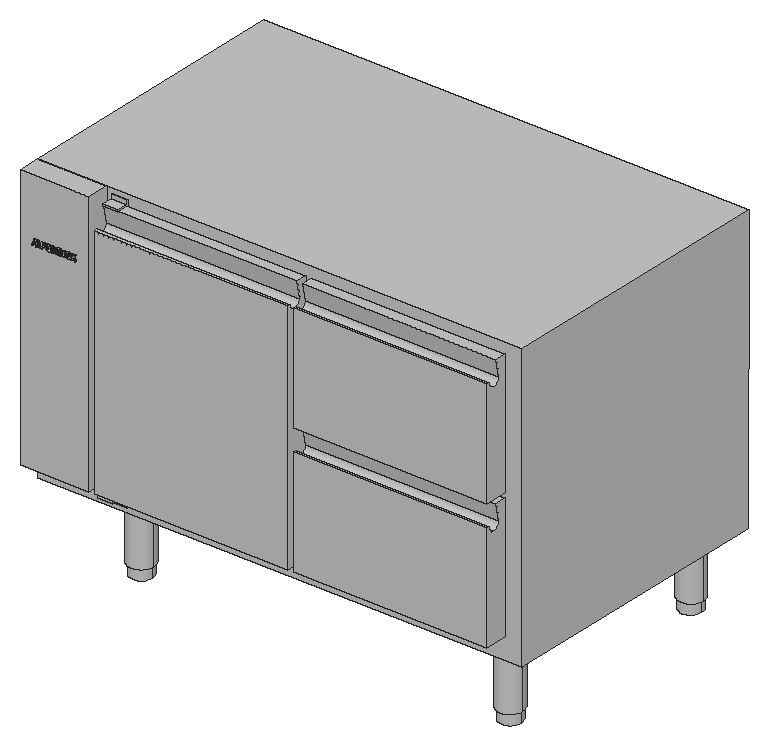
Revit family "QF_ALPENINOX_712609_AJ2R8AB", category Specialty Equipment, Revit 2018
Family settings
  Round Connector Dimension = Use Diameter
  Part Type = Normal
  Work Plane-Based = No
  Always vertical = Yes
  Cut with Voids When Loaded = No
  Shared = No
  Room Calculation Point = No
Parameters
  Weight = 0.00 kg
  Watts = 2.78709 W
  Volts = 220 V
  URL Manufacturer = "http://www.alpeninox.com"
  URL = "http://www.alpeninox.com"
  Steam Supply Size = 0 mm
  Steam Supply Minimum Pressure = 0.0 Pa
  Steam Supply Maximum Pressure = 0.0 Pa
  Steam Pounds per Hour = 0
  Refrigeration Suction Line Size = 0 mm
  Refrigeration Liquid Line Size = 0 mm
  Refrigerant Compressor Remote = yes
  Manufacturer = "Alpeninox"
  Phase = 1
  Model = "AJ2R8AB"
  Length Actual = 1103 mm  # constant formula
  Length = 1103 mm
  Item Number = "712609"
  Hot Water Size = 0 mm
  Height Actual = 800 mm  # constant formula
  Height = 650 mm
  HP = "0 HP"
  Gas Size = 0 mm
  Gas KW = 0
  Gas Input Pressure = 0 W
  Depth Actual = 700 mm  # constant formula
  Depth = 695 mm
  Description = "1 DOOR+2x½ DRAWER REF.TABLE -2C REM NO TOP"
  Cycle = 60 Hz
  Condensate Return Size = 0 mm
  Compressed Air Volume = 0.0 L/s
  Compressed Air Size = 0 mm
  Compressed Air Pressure = 0.0 Pa
  Cold Water Size = 0 mm
  Accessory = yes
Reference planes
  plane 1: z = 0
  plane 2 "Center (Left/Right)": x = -124.5
  plane 3 "Center (Front/Back)": y = 64.5
  plane 4 "FEET": z = 150
  plane 5 "TOP": z = 850
  plane 6 "PLAIN": z = 800
  plane 7 "EI_back": y = 359
  plane 8 "EI_left": x = -610
  plane 9 "BACK": y = 412
  plane 10 "FRONT": y = -283
  plane 11 "DOOR": y = -233
  plane 12 "LEFT": x = -676
  plane 13 "RIGHT": x = 427
  plane 14: x = -651
  plane 15: x = 402
  plane 16 "RO_left": x = -636
  plane 17 "RI_left": x = -584
  plane 18 "RO_back": y = 375.5
  plane 19 "RI_back": y = 375.5
  plane 20 "DRAINleft": x = -610
  plane 21 "DRAINback": y = 164
Forms (mm)
  Extrusion 1, solid, material "QF_Finishes_Stainless Steel"
    sketch origin (-1022.223, -1524, 150) x (-1, 0, 0) y (0, -1, 0)
      loop
        circle (-412.223, -1883) r 5
    from 0 to -40
  Extrusion 2, solid, material "QF_Finishes_Stainless Steel"
    sketch origin (-1022.223, -1524, 150) x (-1, 0, 0) y (0, -1, 0)
      loop
        circle (-386.223, -1899.5) r 4.25
    from 0 to -20
  Extrusion 3, solid, material "QF_Finishes_Stainless Steel"
    sketch origin (-1022.223, -1524, 150) x (-1, 0, 0) y (0, -1, 0)
      loop
        circle (-438.223, -1899.5) r 4
    from 0 to -20
  Extrusion 4, solid, material "QF_Finishes_Stainless Steel"
    sketch origin (-1022.223, -1524, 150) x (-1, 0, 0) y (0, -1, 0)
      loop
        circle (-412.223, -1688) r 8.5
    from 0 to -40
  Extrusion 5, solid, material "QF_Finishes_Stainless Steel"
    sketch origin (-1022.223, -1524, 150) x (-1, 0, 0) y (0, -1, 0)
      loop
        line (-346.223, -1936) -> (-346.223, -1291) -> (-1449.223, -1291) -> (-1449.223, -1936) -> (-346.223, -1936)
    from 0 to 650 <- "Height"
Lines and regions (mm)
  symbolic lines, style "SpecialityEquipmentHiddenLines"
    curve 1: line (-676, 412, 150) -> (427, 412, 150)
    curve 2: line (-676, -283, 150) -> (-676, 412, 150)
    curve 3: line (427, -283, 150) -> (-676, -283, 150)
    curve 4: line (427, 412, 150) -> (427, -283, 150)
    curve 5: line (-676, -233, 150) -> (427, -233, 150)
    curve 6: line (402, -233, 150) -> (402, -283, 150)
Dimensions and locks
  plane 4 "FEET" to level = 150 mm
  plane 11 "DOOR" to plane 10 "FRONT" = 50 mm
  "Height": plane 6 "PLAIN" to plane 4 "FEET"
  plane 5 "TOP" to plane 6 "PLAIN" = 50 mm
  plane 12 "LEFT" to plane 14 = 25 mm
  plane 15 to plane 13 "RIGHT" = 25 mm
  plane 9 "BACK" to plane 18 "RO_back" = 36.5 mm
  plane 9 "BACK" to plane 7 "EI_back" = 53 mm
  plane 9 "BACK" to plane 19 "RI_back" = 36.5 mm
  plane 9 "BACK" to plane 21 "DRAINback" = 248 mm
  plane 12 "LEFT" to plane 20 "DRAINleft" = 66 mm
  plane 12 "LEFT" to plane 8 "EI_left" = 66 mm
  plane 12 "LEFT" to plane 17 "RI_left" = 92 mm
  plane 12 "LEFT" to plane 16 "RO_left" = 40 mm
  "Depth": plane 9 "BACK" to plane 10 "FRONT"
  equal spacing: plane 9 "BACK", plane 3 "Center (Front/Back)", plane 10 "FRONT"
  "Length": plane 12 "LEFT" to plane 13 "RIGHT"
  equal spacing: plane 12 "LEFT", plane 2 "Center (Left/Right)", plane 13 "RIGHT"
  aligned and locked: level to plane 1
Automatic sketch dimensions
  Extrusion 1 sketch curve to plane 7 "EI_back" = 0 mm
  Extrusion 1 sketch curve to plane 8 "EI_left" = 0 mm
  Extrusion 2 sketch curve to plane 16 "RO_left" = 0 mm
  Extrusion 2 sketch curve to plane 18 "RO_back" = 0 mm
  Extrusion 3 sketch curve to plane 17 "RI_left" = 0 mm
  Extrusion 3 sketch curve to plane 19 "RI_back" = 0 mm
  Extrusion 4 sketch curve to plane 20 "DRAINleft" = 0 mm
  Extrusion 4 sketch curve to plane 21 "DRAINback" = 0 mm
  Extrusion 5 sketch curve to plane 9 "BACK" = 0 mm
  Extrusion 5 sketch curve to plane 13 "RIGHT" = 0 mm
  Extrusion 5 sketch curve to plane 11 "DOOR" = 0 mm
  Extrusion 5 sketch curve to plane 12 "LEFT" = 0 mm
  curve 1 to plane 13 "RIGHT" = 0 mm
  curve 6 to plane 15 = 0 mm
  curve 5 to plane 11 "DOOR" = 0 mm
  curve 5 to plane 12 "LEFT" = 0 mm
  curve 6 to plane 10 "FRONT" = 0 mm
  curve 1 to plane 9 "BACK" = 0 mm
  radius of Extrusion 1 sketch curve = 5 mm
  radius of Extrusion 2 sketch curve = 4.25 mm
  radius of Extrusion 3 sketch curve = 4 mm
  radius of Extrusion 4 sketch curve = 8.5 mm
Nested families
  nested 1: "Refrigerator" at (427, -283, 0), type "Refrigerator"
  nested 2: "FEET" at (-480, 331, 0), type "FEET"
  nested 3: "FEET" at (361, 331, 0), type "FEET"
  nested 4: "FEET" at (-480, -183, 0), type "FEET"
  nested 5: "FEET" at (361, -183, 0), type "FEET"
  nested 6: "APX_REM_TN_L_650" at (-519.08, -233, 548) x (1, 0, 0) z (0, -1, 0), type "APX_REM_TN_L_650"
    with Show Logo yes
  nested 7: "APX_SD_L_650" at (-286, -233, 458.88) x (1, 0, 0) z (0, -1, 0), type "APX_SD_L_650"
    with Show Clearance yes
  nested 8: "APX_HALF_650" at (168, -233, 458.08) x (1, 0, 0) z (0, -1, 0), type "APX_HALF_650"
    with Show Clearance yes
Connectors
  electrical at (-610, 359, 110), driven by "Volts"
    settings: on Extrusion 1, index 1, voltage 220 V, apparent load 0 VA, apparent load phase1 0 VA, apparent load phase2 0 VA, apparent load phase3 0 VA, power factor 1, load classification "Other", number of poles 1, system type 31, power factor state 1, is connector primary yes, connector utility no, sub classification motor no, connector description "Electrical Connection"
  piping at (-636, 375.5, 130)
    settings: on Extrusion 2, index 3, connector diameter 0 mm, connector inside diameter 609.6 mm, connector length 0 mm, flow factor 0, pipe flow 0.0 L/s, pressure drop 0.0 Pa, fitting loss kfactor 0, connector angle 0.00°, fixture units 0, engagement length 0 mm, angle of deflection 0.00°, flow configuration 1, flow direction 2, fitting loss method 0, system type 8, joint type 0, gender type 0, connector reference index -1, connector utility 0, adjustable connector no, is connector primary yes, connector description "Refrigerant Outlet"
  piping at (-584, 375.5, 130)
    settings: on Extrusion 3, index 4, connector diameter 0 mm, connector inside diameter 609.6 mm, connector length 0 mm, flow factor 0, pipe flow 0.0 L/s, pressure drop 0.0 Pa, fitting loss kfactor 0, connector angle 0.00°, fixture units 0, engagement length 0 mm, angle of deflection 0.00°, flow configuration 1, flow direction 1, fitting loss method 0, system type 7, joint type 0, gender type 0, connector reference index -1, connector utility 0, adjustable connector no, is connector primary no, connector description "Refrigerant Inlet"
  piping at (-610, 164, 110), diameter 17
    settings: on Extrusion 4, index 5, connector inside diameter 609.6 mm, connector length 0 mm, flow factor 0, pipe flow 0.0 L/s, pressure drop 0.0 Pa, fitting loss kfactor 0, connector angle 0.00°, fixture units 0, engagement length 0 mm, angle of deflection 0.00°, flow configuration 1, flow direction 2, fitting loss method 0, system type 16, joint type 0, gender type 0, connector reference index -1, connector utility 0, adjustable connector no, is connector primary no, connector description "Drain"
Definition of nested family "FEET"
  Parameters
    FEET = 150 mm
  Reference planes
    plane 1 "Center (Front/Back)": y = 0
    plane 2: z = 0
    plane 3 "Center (Left/Right)": x = 0
    plane 4: z = 150
  Forms (mm)
    Revolve 1, solid
      sketch origin (255.05, 0, 608.09) x (0, 0, 1) y (-1, 0, 0)
        loop
          line (-608.09, 255.05) -> (-608.09, 230.05) -> (-583.09, 230.05) -> (-583.09, 226.05) -> (-458.09, 226.05) -> (-458.09, 255.05) -> (-608.09, 255.05)
        axis (-608.09, 255.05) -> (-458.09, 255.05)
      angle from 0 to 360
  Dimensions and locks
    locked: Revolve 1 sketch curve to Revolve 1 sketch curve at 125
    "FEET": plane 4 to plane 2
    aligned and locked: level to plane 2
    aligned and locked: plane 4 to Revolve 1 sketch curve
    aligned and locked: Revolve 1 sketch curve to level
    aligned and locked: plane 3 "Center (Left/Right)" to Revolve 1 sketch curve
  Automatic sketch dimensions
    Revolve 1 sketch curve to plane 3 "Center (Left/Right)" = 0 mm
    Revolve 1 sketch curve to Revolve 1 sketch curve = 25 mm
    Revolve 1 sketch curve to Revolve 1 sketch curve = 29 mm
    plane 4 to Revolve 1 sketch curve = 50 mm
    Revolve 1 sketch curve to Revolve 1 sketch curve = 20 mm
Definition of nested family "APX_REM_TN_L_650"
  Parameters
    Show Logo [instance] = yes
    Default Elevation = 1219.2 mm
  Reference planes
    plane 1 "Centro (Fronte/Retro)": y = -49
    plane 2: z = 0
    plane 3 "Centro (Sinistra/Destra)": x = -78.92
  Forms (mm)
    Extrusion 1, solid
      sketch origin (0, 0, 0) x (1, 0, 0) y (0, 1, 0)
        loop
          line (-1219.2, 1219.2) -> (-1219.2, -1219.2) -> (1219.2, -1219.2) -> (1219.2, 1219.2) -> (-1219.2, 1219.2)
      from 0 to -304.8
    Extrusion 2, solid
      sketch origin (0, 0, 0) x (1, 0, 0) y (0, 1, 0)
        loop
          line (-156.92, 252) -> (-156.92, -350) -> (-0.92, -350) -> (-0.92, 252) -> (-156.92, 252)
      from 0 to 50
    Extrusion 3, solid
      sketch origin (43.141, -49.023, 0) x (1, 0, 0) y (0, 1, 0)
        loop
          line (-168.675, 170.349) -> (-172.411, 160.318)
          arc (-172.411, 160.318) -> (-171.624, 158.497) -> (-169.837, 159.36) r 1.374
          line (-169.837, 159.36) -> (-169.268, 161.111) -> (-164.1, 161.111) -> (-163.54, 159.379)
          arc (-163.54, 159.379) -> (-161.802, 158.542) -> (-161.049, 160.318) r 1.333
          line (-161.049, 160.318) -> (-164.694, 170.349)
          arc (-164.694, 170.349) -> (-166.685, 171.876) -> (-168.675, 170.349) r 2.06
        loop
          line (-166.681, 169.055) -> (-168.469, 163.655) -> (-164.935, 163.655) -> (-166.681, 169.055)
        loop
          arc (-159.705, 160.042) -> (-159.262, 158.973) -> (-158.194, 158.531) r 1.512
          line (-158.194, 158.531) -> (-153.608, 158.531)
          arc (-153.608, 158.531) -> (-152.337, 159.802) -> (-153.608, 161.074) r 1.272
          line (-153.608, 161.074) -> (-156.917, 161.074) -> (-156.917, 170.328)
          arc (-156.917, 170.328) -> (-158.311, 171.722) -> (-159.705, 170.328) r 1.394
          line (-159.705, 170.328) -> (-159.705, 160.042)
        loop
          line (-151.076, 170.218) -> (-151.076, 159.859)
          arc (-151.076, 159.859) -> (-149.683, 158.466) -> (-148.29, 159.859) r 1.393
          line (-148.29, 159.859) -> (-148.29, 162.882) -> (-146.225, 162.882)
          arc (-146.225, 162.882) -> (-142.999, 163.859) -> (-141.608, 166.928) r 4.082
          arc (-141.608, 166.928) -> (-142.993, 170.272) -> (-146.336, 171.657) r 4.728
          line (-146.336, 171.657) -> (-149.638, 171.657)
          arc (-149.638, 171.657) -> (-150.655, 171.235) -> (-151.076, 170.218) r 1.439
        loop
          line (-148.29, 165.313) -> (-146.388, 165.313)
          arc (-146.388, 165.313) -> (-144.433, 167.268) -> (-146.388, 169.222) r 1.955
          line (-146.388, 169.222) -> (-148.29, 169.222) -> (-148.29, 165.313)
        loop
          arc (-131.184, 166.332) -> (-132.004, 168.2) -> (-133.767, 169.228) r 3.3
          arc (-133.767, 169.228) -> (-136.353, 168.661) -> (-137.611, 166.332) r 3.176
          line (-137.611, 166.332) -> (-131.184, 166.332)
        loop
          line (-137.538, 163.743) -> (-130.544, 163.743)
          arc (-130.544, 163.743) -> (-129.292, 163.916) -> (-128.301, 164.701) r 2.4
          arc (-128.301, 164.701) -> (-128.155, 165.545) -> (-128.212, 166.399) r 3.635
          arc (-128.212, 166.399) -> (-130.364, 170.162) -> (-134.39, 171.769) r 6.579
          arc (-134.39, 171.769) -> (-138.918, 169.706) -> (-140.661, 165.044) r 6.501
          arc (-140.661, 165.044) -> (-139.276, 160.789) -> (-135.401, 158.549) r 6.252
          arc (-135.401, 158.549) -> (-132.922, 158.526) -> (-130.544, 159.232) r 8.361
          arc (-130.544, 159.232) -> (-129.466, 159.781) -> (-128.641, 160.666) r 3.486
          arc (-128.641, 160.666) -> (-128.419, 161.592) -> (-128.828, 162.451) r 1.425
          arc (-128.828, 162.451) -> (-129.368, 162.762) -> (-129.99, 162.762) r 1.203
          arc (-129.99, 162.762) -> (-130.406, 162.59) -> (-130.764, 162.316) r 1.724
          arc (-130.764, 162.316) -> (-131.666, 161.705) -> (-132.646, 161.229) r 7.6
          arc (-132.646, 161.229) -> (-135.676, 161.35) -> (-137.538, 163.743) r 3.6
        loop
          line (-126.669, 170.328) -> (-126.669, 159.859)
          arc (-126.669, 159.859) -> (-125.273, 158.463) -> (-123.878, 159.859) r 1.396
          line (-123.878, 159.859) -> (-123.878, 166.785) -> (-117.946, 159.029)
          arc (-117.946, 159.029) -> (-116.361, 158.51) -> (-115.379, 159.859) r 1.417
          line (-115.379, 159.859) -> (-115.379, 170.328)
          arc (-115.379, 170.328) -> (-116.774, 171.723) -> (-118.169, 170.328) r 1.395
          line (-118.169, 170.328) -> (-118.169, 163.311) -> (-124.101, 171.157)
          arc (-124.101, 171.157) -> (-125.687, 171.678) -> (-126.669, 170.328) r 1.418
        loop
          arc (-113.636, 159.859) -> (-112.241, 158.464) -> (-110.847, 159.859) r 1.394
          line (-110.847, 159.859) -> (-110.847, 170.328)
          arc (-110.847, 170.328) -> (-112.241, 171.723) -> (-113.636, 170.328) r 1.394
          line (-113.636, 170.328) -> (-113.636, 159.859)
        loop
          line (-109.102, 170.328) -> (-109.102, 159.859)
          arc (-109.102, 159.859) -> (-107.706, 158.463) -> (-106.31, 159.859) r 1.396
          line (-106.31, 159.859) -> (-106.31, 166.785) -> (-100.378, 159.029)
          arc (-100.378, 159.029) -> (-98.793, 158.51) -> (-97.812, 159.859) r 1.417
          line (-97.812, 159.859) -> (-97.812, 170.328)
          arc (-97.812, 170.328) -> (-99.207, 171.723) -> (-100.602, 170.328) r 1.395
          line (-100.602, 170.328) -> (-100.602, 163.311) -> (-106.533, 171.157)
          arc (-106.533, 171.157) -> (-108.119, 171.678) -> (-109.102, 170.328) r 1.418
        loop
          arc (-96.345, 165.093) -> (-95.619, 161.877) -> (-93.467, 159.379) r 6.806
          arc (-93.467, 159.379) -> (-91.792, 158.566) -> (-89.948, 158.31) r 5.956
          arc (-89.948, 158.31) -> (-88.104, 158.566) -> (-86.43, 159.379) r 5.956
          arc (-86.43, 159.379) -> (-84.277, 161.877) -> (-83.551, 165.093) r 6.806
          arc (-83.551, 165.093) -> (-84.277, 168.31) -> (-86.43, 170.808) r 6.806
          arc (-86.43, 170.808) -> (-88.104, 171.621) -> (-89.948, 171.877) r 5.956
          arc (-89.948, 171.877) -> (-91.792, 171.621) -> (-93.467, 170.808) r 5.956
          arc (-93.467, 170.808) -> (-95.619, 168.31) -> (-96.345, 165.093) r 6.806
        loop
          arc (-93.425, 165.093) -> (-93.138, 163.212) -> (-92.081, 161.629) r 4.387
          arc (-92.081, 161.629) -> (-91.087, 161.049) -> (-89.948, 160.881) r 3.035
          arc (-89.948, 160.881) -> (-88.809, 161.049) -> (-87.815, 161.629) r 3.035
          arc (-87.815, 161.629) -> (-86.759, 163.212) -> (-86.472, 165.093) r 4.387
          arc (-86.472, 165.093) -> (-86.759, 166.975) -> (-87.815, 168.558) r 4.387
          arc (-87.815, 168.558) -> (-88.809, 169.138) -> (-89.948, 169.306) r 3.035
          arc (-89.948, 169.306) -> (-91.087, 169.138) -> (-92.081, 168.558) r 3.035
          arc (-92.081, 168.558) -> (-93.138, 166.975) -> (-93.425, 165.093) r 4.387
        loop
          line (-82.843, 169.609) -> (-79.829, 165.552) -> (-83.513, 160.652)
          arc (-83.513, 160.652) -> (-83.216, 158.692) -> (-81.262, 159.029) r 1.388
          line (-81.262, 159.029) -> (-78.213, 163.232) -> (-75.164, 159.029)
          arc (-75.164, 159.029) -> (-73.211, 158.692) -> (-72.913, 160.652) r 1.388
          line (-72.913, 160.652) -> (-76.597, 165.552) -> (-73.584, 169.609)
          arc (-73.584, 169.609) -> (-73.952, 171.597) -> (-75.908, 171.084) r 1.38
          line (-75.908, 171.084) -> (-78.213, 167.841) -> (-80.519, 171.084)
          arc (-80.519, 171.084) -> (-82.474, 171.597) -> (-82.843, 169.609) r 1.38
      from 50 to 51.6
  Lines and regions (mm)
    Split face 1
      outline origin (0, 0, 50) x (1, 0, 0) y (0, 1, 0)
        loop
          line (-0.92, 188) -> (-156.92, 188)
    Split face 2
      outline origin (0, 0, 50) x (1, 0, 0) y (0, 1, 0)
        loop
          line (-156.92, 178) -> (-0.92, 178)
    Split face 3
      outline origin (0, 0, 50) x (1, 0, 0) y (0, 1, 0)
        loop
          line (-0.92, 104) -> (-156.92, 104)
    Split face 4
      outline origin (0, 0, 50) x (1, 0, 0) y (0, 1, 0)
        loop
          line (-0.92, 94) -> (-156.92, 94)
    Split face 5
      outline origin (0, 0, 50) x (1, 0, 0) y (0, 1, 0)
        loop
          line (-108.92, 163.931) -> (-108.92, 134.412) -> (-48.92, 134.412) -> (-48.92, 163.931) -> (-108.92, 163.931)
    Split face 6
      outline origin (0, 0, 50) x (1, 0, 0) y (0, 1, 0)
        loop
          line (-68.92, 160.931) -> (-68.92, 137.412) -> (-51.92, 137.412) -> (-51.92, 160.931) -> (-68.92, 160.931)
    symbolic lines
      curve 1: line (-2, -49, 50) -> (-2, -49, 0)
  Dimensions and locks
    equal spacing: Extrusion 2, plane 3 "Centro (Sinistra/Destra)", Extrusion 2
    equal spacing: Extrusion 2, plane 1 "Centro (Fronte/Retro)", Extrusion 2
    Extrusion 2 to Extrusion 2 = 156 mm
    aligned and locked: plane 2 to Extrusion 1
    aligned and locked: level to Extrusion 1
  Automatic sketch dimensions
    curve 1 to level = 0 mm
    plane 3 "Centro (Sinistra/Destra)" to curve 1 = 76.92 mm
    curve 1 to curve 1 = 50 mm
    Extrusion 1 sketch curve to Extrusion 1 sketch curve = 2438.4 mm  (x2)
    Extrusion 2 sketch curve to plane 3 "Centro (Sinistra/Destra)" = 78 mm
    plane 3 "Centro (Sinistra/Destra)" to Extrusion 2 sketch curve = 78 mm
    plane 1 "Centro (Fronte/Retro)" to Extrusion 2 sketch curve = 301 mm
    Extrusion 2 sketch curve to plane 1 "Centro (Fronte/Retro)" = 301 mm
    Extrusion 3 sketch curve to plane 3 "Centro (Sinistra/Destra)" = 50.35 mm
    Extrusion 3 sketch curve to Extrusion 3 sketch curve = 1.266 mm
    Extrusion 3 sketch curve to Extrusion 3 sketch curve = 1.307 mm
    Extrusion 3 sketch curve to Extrusion 3 sketch curve = 0.57 mm
    Extrusion 3 sketch curve to Extrusion 3 sketch curve = 0.593 mm
    Extrusion 3 sketch curve to Extrusion 3 sketch curve = 0.799 mm
    Extrusion 3 sketch curve to Extrusion 3 sketch curve = 1.99 mm  (x2)
    Extrusion 3 sketch curve to Extrusion 3 sketch curve = 0.003 mm
    Extrusion 3 sketch curve to Extrusion 3 sketch curve = 3.534 mm
    Extrusion 3 sketch curve to Extrusion 3 sketch curve = 0.835 mm
    Extrusion 3 sketch curve to Extrusion 3 sketch curve = 0.56 mm
    Extrusion 3 sketch curve to Extrusion 3 sketch curve = 1.268 mm
    Extrusion 3 sketch curve to Extrusion 3 sketch curve = 1.223 mm
    Extrusion 3 sketch curve to Extrusion 3 sketch curve = 1.344 mm
    Extrusion 3 sketch curve to Extrusion 3 sketch curve = 1.394 mm  (x2)
    Extrusion 3 sketch curve to Extrusion 3 sketch curve = 1.512 mm
    Extrusion 3 sketch curve to Extrusion 3 sketch curve = 3.309 mm
    Extrusion 3 sketch curve to Extrusion 3 sketch curve = 5.841 mm
    Extrusion 3 sketch curve to Extrusion 3 sketch curve = 1.393 mm
    Extrusion 3 sketch curve to Extrusion 3 sketch curve = 1.439 mm
    Extrusion 3 sketch curve to Extrusion 3 sketch curve = 0 mm  (x19)
    Extrusion 3 sketch curve to Extrusion 3 sketch curve = 1.902 mm
    Extrusion 3 sketch curve to Extrusion 3 sketch curve = 0.052 mm
    Extrusion 3 sketch curve to Extrusion 3 sketch curve = 2.065 mm
    Extrusion 3 sketch curve to Extrusion 3 sketch curve = 0.647 mm
    Extrusion 3 sketch curve to Extrusion 3 sketch curve = 8.079 mm
    Extrusion 3 sketch curve to Extrusion 3 sketch curve = 0.073 mm
    Extrusion 3 sketch curve to Extrusion 3 sketch curve = 2.145 mm
    Extrusion 3 sketch curve to Extrusion 3 sketch curve = 2.931 mm
    Extrusion 3 sketch curve to Extrusion 3 sketch curve = 0.213 mm
    Extrusion 3 sketch curve to Extrusion 3 sketch curve = 0.026 mm
    Extrusion 3 sketch curve to Extrusion 3 sketch curve = 0.263 mm
    Extrusion 3 sketch curve to Extrusion 3 sketch curve = 0.516 mm
    Extrusion 3 sketch curve to Extrusion 3 sketch curve = 0.356 mm
    Extrusion 3 sketch curve to Extrusion 3 sketch curve = 0.387 mm
    Extrusion 3 sketch curve to Extrusion 3 sketch curve = 2.378 mm
    Extrusion 3 sketch curve to Extrusion 3 sketch curve = 2.466 mm
    Extrusion 3 sketch curve to Extrusion 3 sketch curve = 0.602 mm
    Extrusion 3 sketch curve to Extrusion 3 sketch curve = 1.02 mm
    Extrusion 3 sketch curve to Extrusion 3 sketch curve = 0.949 mm
    Extrusion 3 sketch curve to Extrusion 3 sketch curve = 1.728 mm
    Extrusion 3 sketch curve to Extrusion 3 sketch curve = 0.157 mm  (x2)
    Extrusion 3 sketch curve to Extrusion 3 sketch curve = 0.292 mm
    Extrusion 3 sketch curve to plane 3 "Centro (Sinistra/Destra)" = 4.608 mm
    Extrusion 3 sketch curve to Extrusion 3 sketch curve = 1.396 mm  (x2)
    Extrusion 3 sketch curve to Extrusion 3 sketch curve = 1.418 mm  (x2)
    Extrusion 3 sketch curve to Extrusion 3 sketch curve = 1.151 mm  (x2)
    plane 3 "Centro (Sinistra/Destra)" to Extrusion 3 sketch curve = 3.891 mm
    plane 3 "Centro (Sinistra/Destra)" to Extrusion 3 sketch curve = 4.115 mm
    Extrusion 3 sketch curve to Extrusion 3 sketch curve = 1.149 mm  (x2)
    Extrusion 3 sketch curve to Extrusion 3 sketch curve = 1.395 mm  (x2)
    Extrusion 3 sketch curve to Extrusion 3 sketch curve = 1.744 mm
    Extrusion 3 sketch curve to Extrusion 3 sketch curve = 1.745 mm
    Extrusion 3 sketch curve to Extrusion 3 sketch curve = 5.709 mm
    Extrusion 3 sketch curve to Extrusion 3 sketch curve = 0.224 mm
    Extrusion 3 sketch curve to Extrusion 3 sketch curve = 6.963 mm
    Extrusion 3 sketch curve to Extrusion 3 sketch curve = 0.493 mm  (x3)
    Extrusion 3 sketch curve to Extrusion 3 sketch curve = 0.273 mm  (x2)
    Extrusion 3 sketch curve to Extrusion 3 sketch curve = 0.021 mm  (x2)
    Extrusion 3 sketch curve to Extrusion 3 sketch curve = 0.226 mm  (x2)
    Extrusion 3 sketch curve to Extrusion 3 sketch curve = 0.268 mm  (x2)
    Extrusion 3 sketch curve to Extrusion 3 sketch curve = 0.294 mm
    Extrusion 3 sketch curve to Extrusion 3 sketch curve = 5.534 mm
    Extrusion 3 sketch curve to Extrusion 3 sketch curve = 6.205 mm
    Extrusion 3 sketch curve to Extrusion 3 sketch curve = 1.109 mm  (x2)
    Extrusion 3 sketch curve to Extrusion 3 sketch curve = 1.108 mm  (x2)
    Extrusion 3 sketch curve to Extrusion 3 sketch curve = 1.142 mm  (x2)
    Extrusion 3 sketch curve to Extrusion 3 sketch curve = 1.216 mm  (x2)
    Extrusion 3 sketch curve to Extrusion 3 sketch curve = 3.013 mm
    Extrusion 3 sketch curve to Extrusion 3 sketch curve = 1.616 mm  (x3)
    Extrusion 3 sketch curve to Extrusion 3 sketch curve = 2.305 mm
    Extrusion 3 sketch curve to Extrusion 3 sketch curve = 3.049 mm
    Extrusion 3 sketch curve to plane 1 "Centro (Fronte/Retro)" = 158.508 mm
    Extrusion 3 sketch curve to Extrusion 3 sketch curve = 0.498 mm
    Extrusion 3 sketch curve to Extrusion 3 sketch curve = 0.682 mm
    Extrusion 3 sketch curve to Extrusion 3 sketch curve = 0.664 mm
    Extrusion 3 sketch curve to Extrusion 3 sketch curve = 0.425 mm
    Extrusion 3 sketch curve to Extrusion 3 sketch curve = 0.41 mm
    Extrusion 3 sketch curve to Extrusion 3 sketch curve = 1.272 mm
    Extrusion 3 sketch curve to Extrusion 3 sketch curve = 0.789 mm  (x2)
    Extrusion 3 sketch curve to Extrusion 3 sketch curve = 0.056 mm
    Extrusion 3 sketch curve to Extrusion 3 sketch curve = 0.83 mm
    Extrusion 3 sketch curve to Extrusion 3 sketch curve = 1.238 mm
    Extrusion 3 sketch curve to Extrusion 3 sketch curve = 1.732 mm
    Extrusion 3 sketch curve to Extrusion 3 sketch curve = 0.346 mm
    Extrusion 3 sketch curve to Extrusion 3 sketch curve = 1.123 mm
    Extrusion 3 sketch curve to Extrusion 3 sketch curve = 3.023 mm
    Extrusion 3 sketch curve to Extrusion 3 sketch curve = 4.203 mm
    Extrusion 3 sketch curve to Extrusion 3 sketch curve = 3.452 mm  (x2)
    Extrusion 3 sketch curve to Extrusion 3 sketch curve = 2.544 mm
    Extrusion 3 sketch curve to Extrusion 3 sketch curve = 1.177 mm
    Extrusion 3 sketch curve to Extrusion 3 sketch curve = 3.261 mm
    Extrusion 3 sketch curve to Extrusion 3 sketch curve = 0.352 mm  (x2)
    Extrusion 3 sketch curve to Extrusion 3 sketch curve = 1.987 mm
    Extrusion 3 sketch curve to Extrusion 3 sketch curve = 0.171 mm
    Extrusion 3 sketch curve to Extrusion 3 sketch curve = 0.533 mm  (x3)
    Extrusion 3 sketch curve to Extrusion 3 sketch curve = 0.14 mm  (x4)
    Extrusion 3 sketch curve to Extrusion 3 sketch curve = 0.473 mm
    Extrusion 3 sketch curve to Extrusion 3 sketch curve = 0.31 mm  (x2)
    Extrusion 3 sketch curve to Extrusion 3 sketch curve = 0.075 mm
    Extrusion 3 sketch curve to Extrusion 3 sketch curve = 2.431 mm
    Extrusion 3 sketch curve to Extrusion 3 sketch curve = 2.32 mm  (x2)
    Extrusion 3 sketch curve to Extrusion 3 sketch curve = 1.992 mm
    Extrusion 3 sketch curve to Extrusion 3 sketch curve = 0.674 mm
    Extrusion 3 sketch curve to Extrusion 3 sketch curve = 0.732 mm
    Extrusion 3 sketch curve to Extrusion 3 sketch curve = 0.388 mm
    Extrusion 3 sketch curve to Extrusion 3 sketch curve = 0.121 mm
    Extrusion 3 sketch curve to Extrusion 3 sketch curve = 2.589 mm
    Extrusion 3 sketch curve to Extrusion 3 sketch curve = 0.662 mm
    Extrusion 3 sketch curve to Extrusion 3 sketch curve = 3.473 mm
    Extrusion 3 sketch curve to Extrusion 3 sketch curve = 0.681 mm
    Extrusion 3 sketch curve to Extrusion 3 sketch curve = 1.615 mm
    Extrusion 3 sketch curve to Extrusion 3 sketch curve = 0.34 mm
    Extrusion 3 sketch curve to Extrusion 3 sketch curve = 2.288 mm
    Extrusion 3 sketch curve to Extrusion 3 sketch curve = 0.942 mm
    Extrusion 3 sketch curve to Extrusion 3 sketch curve = 5.4 mm
    Extrusion 3 sketch curve to Extrusion 3 sketch curve = 1.768 mm  (x2)
    Extrusion 3 sketch curve to Extrusion 3 sketch curve = 0.761 mm
    Extrusion 3 sketch curve to Extrusion 3 sketch curve = 0.996 mm
    Extrusion 3 sketch curve to Extrusion 3 sketch curve = 3.543 mm  (x2)
    Extrusion 3 sketch curve to Extrusion 3 sketch curve = 7.017 mm
    Extrusion 3 sketch curve to Extrusion 3 sketch curve = 0.11 mm
    Extrusion 3 sketch curve to Extrusion 3 sketch curve = 0.823 mm  (x2)
    Extrusion 3 sketch curve to Extrusion 3 sketch curve = 0.947 mm
    Extrusion 3 sketch curve to Extrusion 3 sketch curve = 3.837 mm
    Extrusion 3 sketch curve to Extrusion 3 sketch curve = 0.623 mm
    Extrusion 3 sketch curve to Extrusion 3 sketch curve = 1.082 mm
    Extrusion 3 sketch curve to Extrusion 3 sketch curve = 0.801 mm
    Extrusion 3 sketch curve to Extrusion 3 sketch curve = 1 mm
    Extrusion 3 sketch curve to Extrusion 3 sketch curve = 0.089 mm
    Extrusion 3 sketch curve to Extrusion 3 sketch curve = 4.257 mm
    Extrusion 3 sketch curve to Extrusion 3 sketch curve = 4.345 mm  (x2)
    Extrusion 3 sketch curve to Extrusion 3 sketch curve = 2.576 mm
    Extrusion 3 sketch curve to Extrusion 3 sketch curve = 1.385 mm  (x4)
    Extrusion 3 sketch curve to Extrusion 3 sketch curve = 2.133 mm  (x4)
    Extrusion 3 sketch curve to Extrusion 3 sketch curve = 3.518 mm
    Extrusion 3 sketch curve to Extrusion 3 sketch curve = 5.603 mm
    Extrusion 3 sketch curve to Extrusion 3 sketch curve = 2.571 mm
    Split face 1 sketch curve to Extrusion 2 = 0 mm  (x2)
    Split face 1 sketch curve to Extrusion 2 = 64 mm
    Split face 2 sketch curve to Extrusion 2 = 0 mm
    Split face 2 sketch curve to Extrusion 2 = 74 mm
    Extrusion 2 to Split face 2 sketch curve = 0 mm
    Split face 3 sketch curve to Extrusion 2 = 0 mm  (x2)
    Split face 3 sketch curve to Extrusion 2 = 148 mm
    Split face 4 sketch curve to Extrusion 2 = 0 mm  (x2)
    Split face 4 sketch curve to Extrusion 2 = 158 mm
    Split face 5 sketch curve to Extrusion 2 = 48 mm  (x2)
    Split face 5 sketch curve to Extrusion 2 = 117.588 mm
    Split face 5 sketch curve to Split face 5 sketch curve = 29.518 mm
    Split face 6 sketch curve to Extrusion 2 = 68 mm
    Split face 6 sketch curve to Split face 6 sketch curve = 17 mm
    Split face 6 sketch curve to Extrusion 2 = 114.588 mm
    Split face 6 sketch curve to Split face 6 sketch curve = 23.518 mm
Definition of nested family "APX_SD_L_650"
  Parameters
    Show Clearance [instance] = yes
    Default Elevation = 1219.2 mm
  Reference planes
    plane 1 "Center (Front/Back)": y = 28.12
    plane 2: z = 0
    plane 3 "Center (Left/Right)": x = 0
    plane 4: x = -234
    plane 5: x = 234
  Forms (mm)
    Extrusion 1, solid
      sketch origin (0, 0, 0) x (1, 0, 0) y (0, 1, 0)
        loop
          line (-1219.2, 1219.2) -> (-1219.2, -1219.2) -> (1219.2, -1219.2) -> (1219.2, 1219.2) -> (-1219.2, 1219.2)
      from 0 to -304.8
    Extrusion 2, solid
      sketch origin (0, 53.12, -3) x (0, 1, 0) y (0, 0, 1)
        loop
          line (-314, 53) -> (-314, 3) -> (264, 3) -> (264, 29) -> (224.395, 20)
          arc (224.395, 20) -> (210.396, 33.803) -> (224, 47.994) r 14
          line (224, 47.994) -> (224, 53) -> (-314, 53)
      from -220 to 220
    Extrusion 3, solid
      sketch origin (0, 53.12, 0) x (0, 1, 0) y (0, 0, -1)
        loop
          line (-323.003, -40.312) -> (-323.003, -12.259) -> (-323.003, 0) -> (-351.511, 0) -> (-351.511, -2.5) -> (-325.503, -2.5) -> (-325.503, -42.812) -> (-316.501, -42.812) -> (-316.501, -40.312) -> (-323.003, -40.312)
        loop
          line (-314, -38.311) -> (-314, -11.804) -> (-319.752, -11.804) -> (-319.752, -14.304) -> (-316.501, -14.304) -> (-316.501, -38.311) -> (-314, -38.311)
        loop
          line (265.003, -27.948) -> (267.503, -27.948) -> (267.503, -2.5) -> (277.503, -2.5) -> (277.503, 0) -> (265.003, 0) -> (265.003, -2.948) -> (265.003, -27.948)
      from 185 to 220
    Extrusion 4, solid, visible <- "Show Clearance", detail levels coarse
      sketch origin (0, 28.12, -3) x (-1, 0, 0) y (0, 0, -1)
        loop
          line (220, -53) -> (-220, -53)
          arc (-220, -53) -> (-79.636, -340.04) -> (220, -451) r 430
          line (220, -451) -> (220, -53)
      from -289 to 289
  Lines and regions (mm)
    symbolic lines
      curve 1: arc (219.599, 0, 55) -> (95.934, 0, 321.503) -> (-170, 0, 446.39) r 430
      curve 2: line (-220, 0, 55) -> (-220, 0, 448)
      curve 3: line (-170, 0, 55) -> (-170, 0, 448)
      curve 4: line (-220, 0, 448) -> (-170, 0, 448)
  Dimensions and locks
    plane 4 to plane 3 "Center (Left/Right)" to plane 5 = 234 mm locked, 234 mm locked
    aligned and locked: plane 2 to Extrusion 1
    aligned and locked: level to Extrusion 1
Definition of nested family "APX_HALF_650"
  Parameters
    Show Clearance [instance] = yes
    Default Elevation = 1219.2 mm
  Reference planes
    plane 1 "Center (Front/Back)": y = 28.92
    plane 2: z = 0
    plane 3 "Center (Left/Right)": x = 0
    plane 4: x = -234
    plane 5: x = 234
    plane 6: z = 618
  Forms (mm)
    Extrusion 1, solid
      sketch origin (0, 0, 0) x (1, 0, 0) y (0, 1, 0)
        loop
          line (-1219.2, 1219.2) -> (-1219.2, -1219.2) -> (1219.2, -1219.2) -> (1219.2, 1219.2) -> (-1219.2, 1219.2)
      from 0 to -304.8
    Extrusion 2, solid
      sketch origin (0, 0, 0) x (0, 1, 0) y (0, 0, 1)
        loop
          line (317.92, 0) -> (317.92, 26) -> (278.314, 17)
          arc (278.314, 17) -> (264.314, 31) -> (278.314, 45) r 14
          line (278.314, 45) -> (278.314, 50) -> (33.92, 50) -> (33.92, 0) -> (317.92, 0)
        loop
          line (23.92, 0) -> (23.92, 26) -> (-15.686, 17)
          arc (-15.686, 17) -> (-29.686, 31) -> (-15.686, 45) r 14
          line (-15.686, 45) -> (-15.686, 50) -> (-260.08, 50) -> (-260.08, 0) -> (23.92, 0)
      from -220 to 220
    Extrusion 3, solid, visible <- "Show Clearance", detail levels coarse
      sketch origin (0, 0, 512) x (0, 1, 0) y (0, 0, 1)
        loop
          line (-260.08, 106) -> (-260.08, -462) -> (23.92, -462) -> (23.92, 82) -> (-15.686, 73)
          arc (-15.686, 73) -> (-29.686, 87) -> (-15.686, 101) r 14
          line (-15.686, 101) -> (-15.686, 106) -> (-260.08, 106)
        loop
          line (317.92, -462) -> (317.92, 82) -> (278.314, 73)
          arc (278.314, 73) -> (264.314, 87) -> (278.314, 101) r 14
          line (278.314, 101) -> (278.314, 106) -> (33.92, 106) -> (33.92, -462) -> (317.92, -462)
      from -220 to 220
  Lines and regions (mm)
    symbolic lines
      curve 1: line (220, 0, 140) -> (-220, 0, 140)
      curve 2: line (220, 0, 175) -> (-220, 0, 175)
      curve 3: line (220, 0, 260) -> (-220, 0, 260)
      curve 4: line (220, 0, 295) -> (-220, 0, 295)
      curve 5: line (191.424, 0, 140) -> (191.424, 0, 55)
      curve 6: line (-190, 0, 140) -> (-190, 0, 55)
      curve 7: line (191.424, 0, 260) -> (191.424, 0, 175)
      curve 8: line (-190, 0, 260) -> (-190, 0, 175)
      curve 9: line (220, 0, 260) -> (220, 0, 295)
      curve 10: line (-220, 0, 260) -> (-220, 0, 295)
      curve 11: line (220, 0, 140) -> (220, 0, 175)
      curve 12: line (-220, 0, 140) -> (-220, 0, 175)
  Dimensions and locks
    plane 4 to plane 3 "Center (Left/Right)" to plane 5 = 234 mm locked, 234 mm locked
    plane 6 to level = 618 mm
    aligned and locked: plane 2 to Extrusion 1
    aligned and locked: level to Extrusion 1
Definition of nested family "Refrigerator"
  Reference planes
    plane 1 "Center (Front/Back)": y = 0
    plane 2: z = 0
    plane 3 "Center (Left/Right)": x = 0
  Lines and regions (mm)
    detail lines, in view "Ref. Level"
      curve 1: spline (-500, 190, 0) -> (-493.185, 166.706, 0) -> (-473.205, 145, 0) -> (-441.421, 126.36, 0) -> (-400, 112.058, 0) -> (-351.764, 103.067, 0) -> (-300, 100, 0) -> (-248.236, 103.067, 0) -> (-200, 112.058, 0) -> (-158.579, 126.36, 0) -> (-126.795, 145, 0) -> (-106.815, 166.706, 0) -> (-100, 190, 0) -> (-106.815, 213.294, 0) -> (-126.795, 235, 0) -> (-158.579, 253.64, 0) -> (-200, 267.942, 0) -> (-248.236, 276.933, 0) -> (-300, 280, 0) -> (-351.764, 276.933, 0) -> (-400, 267.942, 0) -> (-441.421, 253.64, 0) -> (-473.205, 235, 0) -> (-493.185, 213.294, 0) -> (-500, 190, 0)
      curve 2: line (-300, 130, 0) -> (-300, 250, 0)
      curve 3: line (-351.962, 220, 0) -> (-248.038, 160, 0)
      curve 4: line (-351.962, 160, 0) -> (-248.038, 220, 0)
      curve 5: line (-280.884, 246.873, 0) -> (-300, 225, 0)
      curve 6: line (-300, 225, 0) -> (-319.116, 246.873, 0)
      curve 7: line (-330.311, 207.5, 0) -> (-339.696, 234.992, 0)
      curve 8: line (-358.812, 201.882, 0) -> (-330.311, 207.5, 0)
      curve 9: line (-330.311, 172.5, 0) -> (-358.812, 178.118, 0)
      curve 10: line (-339.696, 145.008, 0) -> (-330.311, 172.5, 0)
      curve 11: line (-300, 155, 0) -> (-319.116, 133.127, 0)
      curve 12: line (-280.884, 133.127, 0) -> (-300, 155, 0)
      curve 13: line (-269.689, 172.5, 0) -> (-260.304, 145.008, 0)
      curve 14: line (-241.188, 178.118, 0) -> (-269.689, 172.5, 0)
      curve 15: line (-269.689, 207.5, 0) -> (-241.188, 201.882, 0)
      curve 16: line (-260.304, 234.992, 0) -> (-269.689, 207.5, 0)
